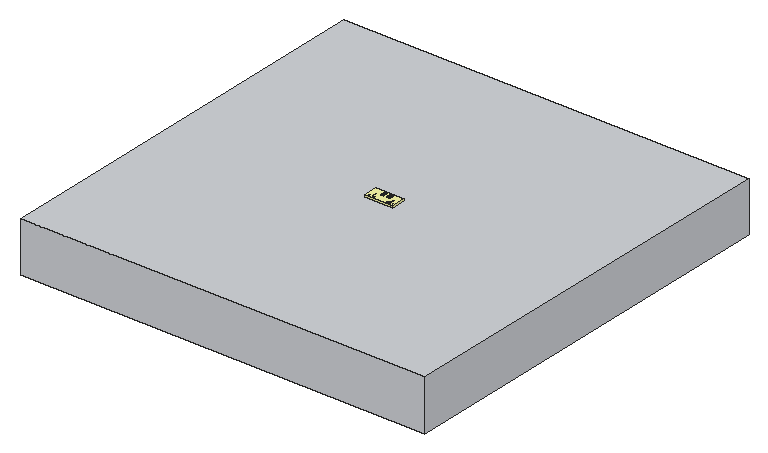
Revit family "EP_Twin Socket with Switch-Non Essential", category Electrical Fixtures, host Face, Revit 2013
Parameters
  Voltage = 230 V
  Load Classification = Twin Socket
  Load = 400 W
  Default Elevation = 1200 mm
Reference planes
  plane 1 "Center (Front/Back)": y = 0
  plane 2: z = 0
  plane 3 "Center (Left/Right)": x = 0
  plane 4: y = 43
  plane 5: y = -43
  plane 6 "Switch": z = 8
  plane 7: x = -86
  plane 8: x = 86
Forms (mm)
  Extrusion 1, solid
    sketch origin (0, 0, 0) x (1, 0, 0) y (0, 1, 0)
      loop
        line (-1219.2, 1219.2) -> (-1219.2, -1219.2) -> (1219.2, -1219.2) -> (1219.2, 1219.2) -> (-1219.2, 1219.2)
    from 0 to -304.8
  Extrusion 2, solid, material "Face Plate"
    sketch origin (-43, 0, 0) x (1, 0, 0) y (0, 1, 0)
      loop
        line (-43, -43) -> (129, -43) -> (129, 43) -> (-43, 43) -> (-43, -43)
    from 0 to 8
  Extrusion 3, void
    sketch origin (-43, 0, 0) x (1, 0, 0) y (0, 1, 0)
      loop
        line (-27, -29) -> (-15, -29) -> (-15, -24.618) -> (-27, -24.618) -> (-27, -29)
    from 0 to 8
  Extrusion 4, void
    sketch origin (-63, 0, 0) x (-1, 0, 0) y (0, -1, 0)
      loop
        line (-27, 29) -> (-27, 24.618) -> (-15, 24.618) -> (-15, 29) -> (-27, 29)
    from 0 to 8
  Extrusion 5, void
    sketch origin (-43, 0, 0) x (1, 0, 0) y (0, 1, 0)
      loop
        line (-12, -11) -> (-8, -11) -> (-8, 0.984) -> (-12, 0.984) -> (-12, -11)
    from 0 to 8
  Extrusion 6, solid, material "Face Plate"
    sketch origin (-45, 36.827, 0) x (0, -1, 0) y (0, 0, -1)
      loop
        line (6.07, -8) -> (27.827, -13.425) -> (27.827, -8) -> (6.07, -8)
    from 20 to 33
  Extrusion 7, void
    sketch origin (-45, -2.1, 0) x (1, 0, 0) y (0, 1, 0)
      loop
        line (20, 11.1) -> (33, 11.1) -> (33, 32.857) -> (20, 32.857) -> (20, 11.1)
      loop
        line (18, 35.014) -> (18, 9.1) -> (35, 9.1) -> (35, 35.014) -> (18, 35.014)
    from 7.5 to 8
  Extrusion 8, solid, material "Face Plate"
    sketch origin (45, 36.827, 0) x (0, -1, 0) y (0, 0, 1)
      loop
        line (6.07, 8) -> (27.827, 8) -> (27.827, 13.425) -> (6.07, 8)
    from 20 to 33
  Extrusion 9, void
    sketch origin (45, -2.1, 0) x (-1, 0, 0) y (0, -1, 0)
      loop
        line (20, -11.1) -> (20, -32.857) -> (33, -32.857) -> (33, -11.1) -> (20, -11.1)
      loop
        line (18, -35.014) -> (35, -35.014) -> (35, -9.1) -> (18, -9.1) -> (18, -35.014)
    from 7.5 to 8
  Extrusion 10, void
    sketch origin (43, 0, 0) x (-1, 0, 0) y (0, -1, 0)
      loop
        line (-12, 11) -> (-12, -0.984) -> (-8, -0.984) -> (-8, 11) -> (-12, 11)
    from 0 to 8
  Extrusion 11, void
    sketch origin (43, 0, 0) x (-1, 0, 0) y (0, -1, 0)
      loop
        line (-27, 29) -> (-27, 24.618) -> (-15, 24.618) -> (-15, 29) -> (-27, 29)
    from 0 to 8
  Extrusion 12, void
    sketch origin (63, 0, 0) x (1, 0, 0) y (0, 1, 0)
      loop
        line (-27, -29) -> (-15, -29) -> (-15, -24.618) -> (-27, -24.618) -> (-27, -29)
    from 0 to 8
Cuts and joins
  Extrusion 3, Extrusion 4, Extrusion 5, Extrusion 7, Extrusion 9, Extrusion 10, Extrusion 11, Extrusion 12 cuts Extrusion 2
Lines and regions (mm)
  model lines
    curve 1: line (-76, -33, 8) -> (-76, -21, 8)
    curve 2: line (-76, -21, 8) -> (-30, -21, 8)
    curve 3: line (-30, -21, 8) -> (-30, -33, 8)
    curve 4: line (-30, -33, 8) -> (-76, -33, 8)
    curve 5: line (-58, -15, 8) -> (-58, 5, 8)
    curve 6: line (-58, 5, 8) -> (-48, 5, 8)
    curve 7: line (-48, 5, 8) -> (-48, -15, 8)
    curve 8: line (-48, -15, 8) -> (-58, -15, 8)
    curve 9: line (76, -33, 8) -> (76, -21, 8)
    curve 10: line (76, -21, 8) -> (30, -21, 8)
    curve 11: line (30, -21, 8) -> (30, -33, 8)
    curve 12: line (30, -33, 8) -> (76, -33, 8)
    curve 13: line (58, -15, 8) -> (58, 5, 8)
    curve 14: line (58, 5, 8) -> (48, 5, 8)
    curve 15: line (48, 5, 8) -> (48, -15, 8)
    curve 16: line (48, -15, 8) -> (58, -15, 8)
Dimensions and locks
  aligned and locked: plane 2 to Extrusion 1
  aligned and locked: level to Extrusion 1
Nested families
  nested 1: "EP_TSS_N" at (0, 0, 0), type "EP_TSS_N"
Connectors
  electrical at (0, 0, 0), driven by "Load", driven by "Load Classification"
    settings: on cut or joined group of Extrusion 2, Extrusion 3, Extrusion 4, Extrusion 5, Extrusion 7, Extrusion 9, Extrusion 10, Extrusion 11, Extrusion 12, index 2, voltage 230 V, apparent load 0 W, apparent load phase1 400 W, apparent load phase2 0 W, apparent load phase3 0 W, power factor 1, load classification "Twin Socket", number of poles 1, system type 31, power factor state 1, is connector primary yes, connector utility no, sub classification motor no, connector description ""
Definition of nested family "EP_TSS_N"
  Reference planes
    plane 1: y = 0
    plane 2: x = 0
  Lines and regions (mm)
    detail lines, style "Power Symbols"
      curve 1: line (-1.494, 0, 0) -> (1.506, 0, 0)
      curve 2: arc (1.506, 0, 0) -> (0.006, 1.5, 0) -> (-1.494, 0, 0) r 1.5
      curve 3: line (0, 1.5, 0) -> (0, 2.75, 0)
      curve 4: line (-0.5, 2.235, 0) -> (0.5, 2.235, 0)
  Text (mm)
    text "2" at (0.002, 1.491, 0)
    text "N" at (1.522, 2.486, 0)
